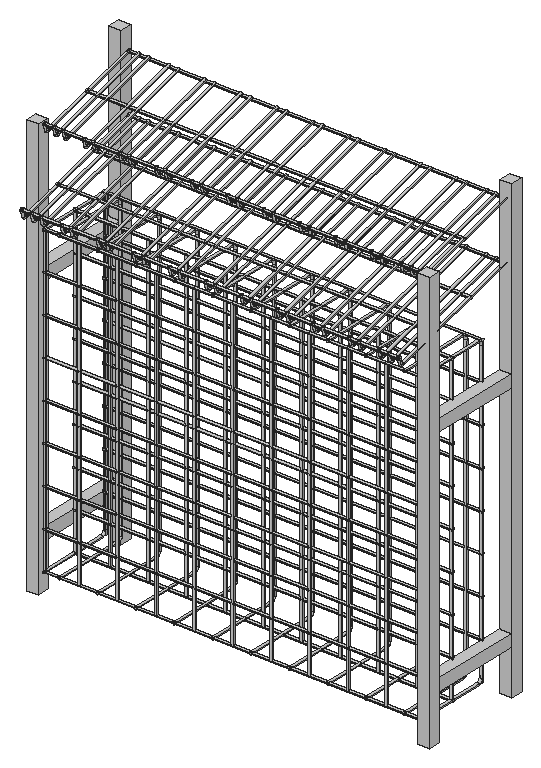
Revit family "WN", category Specialty Equipment, Revit 2012
Parameters (values of type "Wire Wine Display (Default)")
  URL = "http://madixinc.com/display/freestanding.html"
  Model = "Wire Wine Display"
  Manufacturer = "© 2012 Madix, Inc. All rights reserved."
Reference planes (in)
  plane 1 "Center (Front/Back)": y = 0
  plane 2: z = 0
  plane 3 "Center (Left/Right)": x = 0
  plane 4: x = -21
  plane 5: x = 21
  plane 6: y = 6
  plane 7: y = -6
  plane 8: z = 48
  plane 9: z = 2
  plane 10: z = 44
  plane 11: z = 6
  plane 12: z = 10
  plane 13: z = 14
  plane 14: z = 18
  plane 15: z = 22
  plane 16: z = 26
  plane 17: z = 30
  plane 18: z = 34
Forms (in)
  Extrusion 1, solid, material "Metal - Steel"
    sketch origin (0, 0, 0) x (1, 0, 0) y (0, 1, 0)
      loop
        line (-21, -6) -> (-19.75, -6) -> (-19.75, -4.75) -> (-21, -4.75) -> (-21, -6)
      loop
        line (21, -6) -> (21, -4.75) -> (19.75, -4.75) -> (19.75, -6) -> (21, -6)
    from 0 to 44
  Extrusion 2, solid, material "Metal - Steel"
    sketch origin (0, 0, 0) x (1, 0, 0) y (0, 1, 0)
      loop
        line (-21, 6) -> (-21, 4.75) -> (-19.75, 4.75) -> (-19.75, 6) -> (-21, 6)
      loop
        line (21, 6) -> (19.75, 6) -> (19.75, 4.75) -> (21, 4.75) -> (21, 6)
    from 0 to 48
  Extrusion 3, solid, material "Metal - Steel"
    sketch origin (0, 0, 0) x (0, 1, 0) y (0, 0, -1)
      loop
        line (4.75, -6) -> (4.75, -4.75) -> (-4.75, -4.75) -> (-4.75, -6) -> (4.75, -6)
      loop
        line (4.75, -30.25) -> (4.75, -29) -> (-4.75, -29) -> (-4.75, -30.25) -> (4.75, -30.25)
    from -21 to -19.75
  Sweep 4, solid, material "Metal - Steel"
    path origin (0, 0, 0) x (0, 1, 0) y (0, 0, 1)
      loop
        line (5.71593, 45.85786) -> (-4.90926, 43.01085)
        arc (-4.90926, 43.01085) -> (-5.09896, 43.03583) -> (-5.21544, 43.18763) r 0.25
        line (-5.21544, 43.18763) -> (-5.40956, 43.91207)
    profile origin (0, -5.3125, 43.54985) x (0, -0.965926, -0.258819) y (1, 0, 0)
      loop
        circle (0, 19.625) r 0.125
      loop
        circle (0, 18.625) r 0.125
      loop
        circle (0, 17.625) r 0.125
      loop
        circle (0, 0.5) r 0.125
      loop
        circle (0, 3.25) r 0.125
      loop
        circle (0, 4.25) r 0.125
      loop
        circle (0, 7) r 0.125
      loop
        circle (0, 8) r 0.125
      loop
        circle (0, 10.75) r 0.125
      loop
        circle (0, 11.75) r 0.125
      loop
        circle (0, 14.5) r 0.125
      loop
        circle (0, 15.5) r 0.125
      loop
        circle (0, -19.625) r 0.125
      loop
        circle (0, -18.625) r 0.125
      loop
        circle (0, -17.625) r 0.125
      loop
        circle (0, -0.5) r 0.125
      loop
        circle (0, -3.25) r 0.125
      loop
        circle (0, -4.25) r 0.125
      loop
        circle (0, -7) r 0.125
      loop
        circle (0, -8) r 0.125
      loop
        circle (0, -10.75) r 0.125
      loop
        circle (0, -11.75) r 0.125
      loop
        circle (0, -14.5) r 0.125
      loop
        circle (0, -15.5) r 0.125
  Extrusion 5, solid, material "Metal - Steel"
    sketch origin (0, 0, 0) x (0, 1, 0) y (0, 0, 1)
      loop
        circle (-5.37721, 43.79133) r 0.125
      loop
        circle (5.59519, 45.82551) r 0.125
      loop
        circle (0.28259, 44.402) r 0.125
    from -19.75 to 19.75
  Sweep 6, solid, material "Metal - Steel"
    path origin (0, 0, -6) x (0, 1, 0) y (0, 0, 1)
      loop
        line (5.71593, 45.85786) -> (-7.80704, 42.23439)
        arc (-7.80704, 42.23439) -> (-7.99674, 42.25937) -> (-8.11322, 42.41117) r 0.25
        line (-8.11322, 42.41117) -> (-8.30734, 43.13561)
    profile origin (0, -1.04555, 38.04613) x (0, 0.258819, -0.965926) y (1, 0, 0)
      loop
        circle (0, 19.625) r 0.125
      loop
        circle (0, 18.625) r 0.125
      loop
        circle (0, 17.625) r 0.125
      loop
        circle (0, 0.5) r 0.125
      loop
        circle (0, 3.25) r 0.125
      loop
        circle (0, 4.25) r 0.125
      loop
        circle (0, 7) r 0.125
      loop
        circle (0, 8) r 0.125
      loop
        circle (0, 10.75) r 0.125
      loop
        circle (0, 11.75) r 0.125
      loop
        circle (0, 14.5) r 0.125
      loop
        circle (0, 15.5) r 0.125
      loop
        circle (0, -19.625) r 0.125
      loop
        circle (0, -18.625) r 0.125
      loop
        circle (0, -17.625) r 0.125
      loop
        circle (0, -0.5) r 0.125
      loop
        circle (0, -3.25) r 0.125
      loop
        circle (0, -4.25) r 0.125
      loop
        circle (0, -7) r 0.125
      loop
        circle (0, -8) r 0.125
      loop
        circle (0, -10.75) r 0.125
      loop
        circle (0, -11.75) r 0.125
      loop
        circle (0, -14.5) r 0.125
      loop
        circle (0, -15.5) r 0.125
  Extrusion 7, solid, material "Metal - Steel"
    sketch origin (0, 0, -6) x (0, 1, 0) y (0, 0, 1)
      loop
        circle (5.59519, 45.82551) r 0.125
      loop
        circle (-8.27498, 43.01487) r 0.125
      loop
        circle (1.00704, 44.59612) r 0.125
      loop
        circle (-3.58111, 43.36673) r 0.125
    from -19.75 to 19.75
  Extrusion 8, solid, material "Metal - Steel"
    sketch origin (0, 0, 0) x (0, 1, 0) y (0, 0, 1)
      loop
        line (4.75, 6) -> (-4.75, 6) -> (-4.75, 4.75) -> (4.75, 4.75) -> (4.75, 6)
      loop
        line (4.75, 30.25) -> (-4.75, 30.25) -> (-4.75, 29) -> (4.75, 29) -> (4.75, 30.25)
    from -21 to -19.75
  Extrusion 9, solid, material "Metal - Steel"
    sketch origin (0, 0, 0) x (0, 1, 0) y (0, 0, 1)
      loop
        circle (-5.375, 2) r 0.125
      loop
        circle (-5.375, 6) r 0.125
      loop
        circle (-5.375, 10) r 0.125
      loop
        circle (-5.375, 14) r 0.125
      loop
        circle (-5.375, 18) r 0.125
      loop
        circle (-5.375, 22) r 0.125
      loop
        circle (-5.375, 26) r 0.125
      loop
        circle (-5.375, 30) r 0.125
      loop
        circle (-5.375, 34) r 0.125
      loop
        circle (-1.375, 2) r 0.125
      loop
        circle (-1.375, 6) r 0.125
      loop
        circle (-1.375, 10) r 0.125
      loop
        circle (-1.375, 14) r 0.125
      loop
        circle (-1.375, 18) r 0.125
      loop
        circle (-1.375, 22) r 0.125
      loop
        circle (-1.375, 26) r 0.125
      loop
        circle (-1.375, 30) r 0.125
      loop
        circle (-1.375, 34) r 0.125
      loop
        circle (2.49833, 6) r 0.125
      loop
        circle (2.49833, 10) r 0.125
      loop
        circle (2.49833, 14) r 0.125
      loop
        circle (2.49833, 18) r 0.125
      loop
        circle (2.49833, 22) r 0.125
      loop
        circle (2.49833, 26) r 0.125
      loop
        circle (2.49833, 30) r 0.125
      loop
        circle (2.49833, 34) r 0.125
    from -19.75 to 19.75
  Sweep 10, solid, material "Metal - Steel"
    path origin (0, 0, 0) x (0, 1, 0) y (0, 0, 1)
      loop
        line (-5.5, 2) -> (2, 2)
        arc (2, 2) -> (2.35355, 2.14645) -> (2.5, 2.5) r 0.5
        line (2.5, 2.5) -> (2.5, 33.5)
        arc (2.5, 33.5) -> (2.35355, 33.85355) -> (2, 34) r 0.5
        line (2, 34) -> (-5.5, 34)
    profile origin (0, -1.75, 2) x (0, 0, 1) y (1, 0, 0)
      loop
        circle (0, 2) r 0.125
      loop
        circle (0, 6) r 0.125
      loop
        circle (0, 10) r 0.125
      loop
        circle (0, 14) r 0.125
      loop
        circle (0, 18) r 0.125
      loop
        circle (0, -2) r 0.125
      loop
        circle (0, -6) r 0.125
      loop
        circle (0, -10) r 0.125
      loop
        circle (0, -14) r 0.125
      loop
        circle (0, -18) r 0.125
      loop
        circle (0, 19.625) r 0.125
      loop
        circle (0, -19.625) r 0.125
  Extrusion 11, solid, material "Metal - Steel"
    sketch origin (0, 0, 0) x (1, 0, 0) y (0, 1, 0)
      loop
        circle (19.625, -1.375) r 0.125
      loop
        circle (19.625, -5.37721) r 0.125
      loop
        circle (19.625, 2.49833) r 0.125
    from 2 to 34
  Extrusion 12, solid, material "Metal - Steel"
    sketch origin (0, 0, 0) x (1, 0, 0) y (0, 1, 0)
      loop
        circle (16, -5.375) r 0.125
      loop
        circle (16, -1.375) r 0.125
      loop
        circle (12, -5.375) r 0.125
      loop
        circle (12, -1.375) r 0.125
      loop
        circle (8, -5.375) r 0.125
      loop
        circle (8, -1.375) r 0.125
      loop
        circle (4, -5.375) r 0.125
      loop
        circle (4, -1.375) r 0.125
      loop
        circle (0, -5.375) r 0.125
      loop
        circle (0, -1.375) r 0.125
      loop
        circle (-4, -5.375) r 0.125
      loop
        circle (-4, -1.375) r 0.125
      loop
        circle (-8, -5.375) r 0.125
      loop
        circle (-8, -1.375) r 0.125
      loop
        circle (-12, -5.375) r 0.125
      loop
        circle (-12, -1.375) r 0.125
      loop
        circle (-16, -5.375) r 0.125
      loop
        circle (-16, -1.375) r 0.125
    from 2 to 34
  Extrusion 13, solid, material "Metal - Steel"
    sketch origin (0, 0, 0) x (-1, 0, 0) y (0, -1, 0)
      loop
        circle (19.625, 1.375) r 0.125
      loop
        circle (19.625, 5.37721) r 0.125
      loop
        circle (19.625, -2.49833) r 0.125
    from 2 to 34
Dimensions and locks (in)
  aligned and locked: level to plane 2
